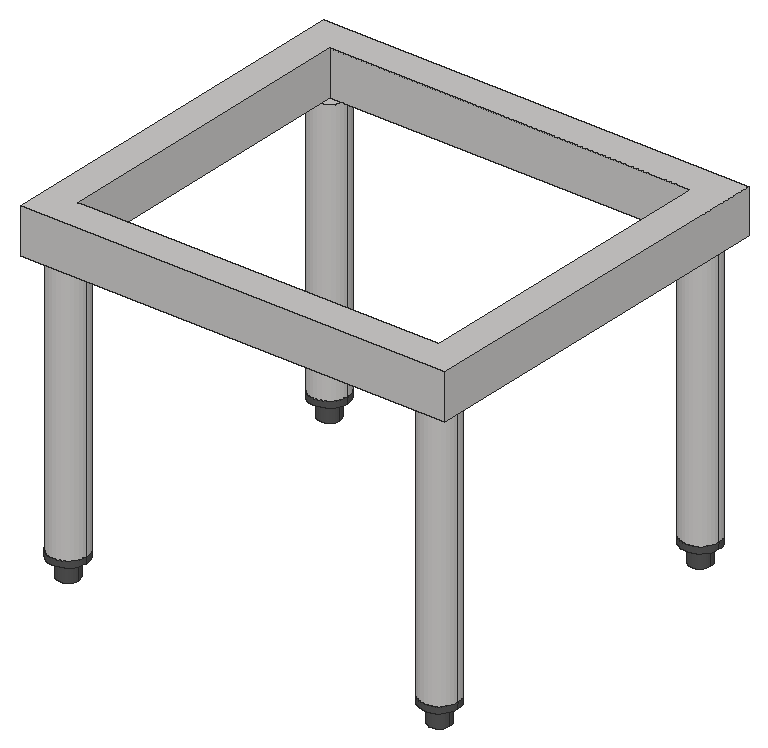
Revit family "QF_CAPIC_CELTIC_W383011", category Equipement spécialisé, Revit 2018
Family settings
  Cote de connecteur circulaire = Utiliser le diamètre
  Type d'élément = Normal
  Numéro OmniClass = 23.40.40.14
  Titre OmniClass = Food Service Equipment
  Basée sur le plan de construction = Non
  Toujours verticalement = Oui
  Couper avec des vides une fois chargée = Non
  Partagée = Non
  Point de calcul de pièce = Non
Parameters (values of type "L=800mm")
  URL catalogue = "http://www.capic-fr.com/fr/"
  Type de Raccord Plomberie [instance] = ""
  Type de Raccord Electrique [instance] = ""
  Type de Gaz = ""
  Type article [instance] = ""
  Tension = 0 V
  Spécification du Fabricant = ""
  Show Logo = yes
  Remarques evacuation [instance] = ""
  Remarques Plomberie [instance] = ""
  Remarques Electricité [instance] = ""
  Puissance électrique  = 0 W
  Puissance Gaz kW = 0
  Profondeur hors tout = 715 mm
  Pression Maximum Eau Adoucie = 0.0 Pa
  Poids net à vide = 60.00 kg
  Phase = 0
  Modèle = "W383011"
  Longueur hors tout = 800 mm
  Intensité nominale = 0 A
  Hauteur hors tout = 630 mm
  Hauteur de Raccordement du Sol Finis = 0 mm
  Hauteur de Raccordement Gaz du Sol Finis = 0 mm
  Hauteur de Raccordement Evacuation Directe du Sol Finis = 0 mm
  Hauteur de Raccordement Eau Froide du Sol Finis = 0 mm
  Hauteur de Raccordement Eau Chaude du Sol Finis = 0 mm
  Hauteur de Raccordement Eau Adoucie du Sol Finis = 0 mm
  Fréquence = 0 Hz
  Fabricant = "CAPIC"
  Débit d'air d'extraction = 0.0 m³/h
  Débit Gaz = 0.0 L/s
  Débit Eau Froide = 0.0 L/s
  Débit Eau Chaude = 0.0 L/s
  Débit Eau Adoucie = 0.0 L/s
  Diamètre de Raccordement Gaz = 0 mm
  Diamètre de Raccordement Evacuation = 0 mm
  Diamètre de Raccordement Eau Froide = 0 mm
  Diamètre de Raccordement Eau Chaude = 0 mm
  Diamètre de Raccordement Eau Adoucie = 0 mm
  Description = "Pietement tubes ronds"
  Assembly Code = ""
  Classification  Omniclass nombre et titre = "23.40.40.14"
Reference planes
  plane 1 "Centre (avant/arrière)": y = 0
  plane 2: z = 0
  plane 3 "Centre (gauche/droite)": x = 0
  plane 4 "Centre G/E": y = 0
  plane 5: y = -838
  plane 6: z = 630
  plane 7: y = -123
  plane 8: x = 800
  plane 9: z = 546
  plane 10: y = -173
  plane 11: y = -788
  plane 12: x = 50
  plane 13: x = 750
  plane 14: z = 46
Forms (mm)
  Extrusion 1, solid, material "QF_Stainless Steel-Brushed"
    sketch origin (4267.2, -1071.386, 630) x (0, -1, 0) y (1, 0, 0)
      loop
        line (-948.386, -4267.2) -> (-233.386, -4267.2) -> (-233.386, -3467.2) -> (-948.386, -3467.2) -> (-948.386, -4267.2)
      loop
        line (-888.386, -3527.2) -> (-888.386, -4207.2) -> (-293.386, -4207.2) -> (-293.386, -3527.2) -> (-888.386, -3527.2)
    from 0 to -84
  Extrusion 2, solid, material "QF_Stainless Steel-Brushed"
    sketch origin (0, 0, 0) x (1, 0, 0) y (0, 1, 0)
      loop
        circle (50, -173) r 35
    from 46 to 546
  Revolve 3, solid, material "QF_Plastic-Black"
    sketch origin (-199.347, -173, 4000) x (-1, 0, 0) y (0, 0, 1)
      loop
        line (-284.347, -3954) -> (-284.347, -3966) -> (-269.347, -3966) -> (-269.347, -4000) -> (-249.347, -4000) -> (-249.347, -3954) -> (-284.347, -3954)
      axis (-249.347, -4000) -> (-249.347, -3954)
    angle from 0 to 360
  Extrusion 4, solid, material "QF_Stainless Steel-Brushed"
    sketch origin (220, 0, 0) x (1, 0, 0) y (0, 1, 0)
      loop
        circle (530, -173) r 35
    from 46 to 546
  Revolve 5, solid, material "QF_Plastic-Black"
    sketch origin (160.653, -173, 4000) x (-1, 0, 0) y (0, 0, 1)
      loop
        line (-624.347, -3954) -> (-624.347, -3966) -> (-609.347, -3966) -> (-609.347, -4000) -> (-589.347, -4000) -> (-589.347, -3954) -> (-624.347, -3954)
      axis (-589.347, -4000) -> (-589.347, -3954)
    angle from 0 to 360
  Extrusion 6, solid, material "QF_Stainless Steel-Brushed"
    sketch origin (0, -615, 0) x (1, 0, 0) y (0, 1, 0)
      loop
        circle (50, -173) r 35
    from 46 to 546
  Revolve 7, solid, material "QF_Plastic-Black"
    sketch origin (-133.843, -788, 4000) x (-1, 0, 0) y (0, 0, 1)
      loop
        line (-218.843, -3954) -> (-218.843, -3966) -> (-203.843, -3966) -> (-203.843, -4000) -> (-183.843, -4000) -> (-183.843, -3954) -> (-218.843, -3954)
      axis (-183.843, -4000) -> (-183.843, -3954)
    angle from 0 to 360
  Extrusion 8, solid, material "QF_Stainless Steel-Brushed"
    sketch origin (230, -615, 0) x (1, 0, 0) y (0, 1, 0)
      loop
        circle (520, -173) r 35
    from 46 to 546
  Revolve 9, solid, material "QF_Plastic-Black"
    sketch origin (-133.843, -788, 4000) x (-1, 0, 0) y (0, 0, 1)
      loop
        line (-918.843, -3954) -> (-918.843, -3966) -> (-903.843, -3966) -> (-903.843, -4000) -> (-883.843, -4000) -> (-883.843, -3954) -> (-918.843, -3954)
      axis (-883.843, -4000) -> (-883.843, -3954)
    angle from 0 to 360
Dimensions and locks
  locked: plane 7 to Extrusion 1 sketch curve at 60
  locked: Extrusion 1 sketch curve to plane 5 at 60
  locked: plane 3 "Centre (gauche/droite)" to Extrusion 1 sketch curve at 60
  locked: Extrusion 1 sketch curve to plane 8 at 60
  "Longueur hors tout": plane 3 "Centre (gauche/droite)" to plane 8
  "Hauteur hors tout": plane 6 to level
  locked: plane 6 to plane 9 at 84
  locked: plane 7 to plane 10 at 50
  locked: plane 11 to plane 5 at 50
  locked: plane 3 "Centre (gauche/droite)" to plane 12 at 50
  locked: plane 13 to plane 8 at 50
  locked: plane 9 to plane 14 at 500
  locked: Revolve 3 sketch curve to plane 12 at 35
  locked: plane 14 to Revolve 3 sketch curve at 12
  locked: Revolve 3 sketch curve to plane 12 at 20
  Revolve 5 sketch curve to Revolve 5 sketch curve to plane 13 = 15 mm locked, 20 mm locked
  "Profondeur hors tout": plane 7 to plane 5
  locked: plane 14 to Revolve 5 sketch curve at 12
  locked: Revolve 7 sketch curve to plane 12 at 20
  locked: Revolve 7 sketch curve to plane 12 at 35
  locked: Revolve 3 to plane 14 at 12
  locked: plane 14 to Revolve 5 at 12
  locked: Revolve 9 sketch curve to plane 13 at 20
  locked: Revolve 9 sketch curve to plane 13 at 35
  aligned and locked: level to plane 2
  aligned and locked: Extrusion 1 sketch curve to plane 7
  aligned and locked: plane 3 "Centre (gauche/droite)" to Extrusion 1 sketch curve
  aligned and locked: plane 5 to Extrusion 1 sketch curve
  aligned and locked: Extrusion 1 sketch curve to plane 8
  aligned and locked: Extrusion 1 to plane 9
  aligned and locked: plane 6 to Extrusion 1
  aligned and locked: plane 9 to Extrusion 2
  aligned and locked: Extrusion 2 to plane 14
  aligned and locked: plane 12 to Extrusion 2 sketch curve
  aligned and locked: plane 10 to Extrusion 2 sketch curve
  aligned and locked: level to Revolve 3 sketch curve
  aligned and locked: plane 12 to Revolve 3 sketch curve
  aligned and locked: Revolve 3 sketch curve to plane 14
  aligned and locked: plane 13 to Extrusion 4 sketch curve
  aligned and locked: plane 10 to Extrusion 4 sketch curve
  aligned and locked: plane 13 to Revolve 5 sketch curve  (x2)
  aligned and locked: level to Revolve 5 sketch curve
  aligned and locked: Revolve 5 sketch curve to plane 14
  aligned and locked: plane 12 to Extrusion 6 sketch curve
  aligned and locked: plane 11 to Extrusion 6 sketch curve
  aligned and locked: plane 9 to Extrusion 6
  aligned and locked: Extrusion 6 to plane 14
  aligned and locked: plane 14 to Revolve 7 sketch curve
  aligned and locked: Revolve 7 sketch curve to level
  aligned and locked: plane 9 to Extrusion 4
  aligned and locked: Extrusion 4 to plane 14
  aligned and locked: plane 13 to Extrusion 8 sketch curve
  aligned and locked: plane 11 to Extrusion 8 sketch curve
  aligned and locked: Revolve 3 to plane 14
  aligned and locked: Extrusion 8 to Extrusion 1
  aligned and locked: Revolve 9 sketch curve to plane 14
  aligned and locked: level to Revolve 9 sketch curve
  aligned and locked: Extrusion 8 to plane 14
Automatic sketch dimensions
  Revolve 3 sketch curve to plane 12 = 0 mm
  Revolve 3 sketch curve to level = 0 mm
  Revolve 3 sketch curve to plane 14 = 0 mm
  Revolve 5 sketch curve to level = 0 mm
  Revolve 5 sketch curve to plane 14 = 0 mm
  Revolve 9 sketch curve to plane 13 = 0 mm  (x2)
  Revolve 9 sketch curve to plane 14 = 12 mm
  Revolve 9 sketch curve to level = 88.15 mm
  Revolve 9 sketch curve to Revolve 9 sketch curve = 37 mm
  Revolve 7 sketch curve to plane 12 = 0 mm  (x2)
  Revolve 7 sketch curve to plane 14 = 12 mm
  Revolve 7 sketch curve to level = 25 mm
  Revolve 7 sketch curve to Revolve 7 sketch curve = 12 mm
  radius of Extrusion 2 sketch curve = 35 mm
  radius of Extrusion 4 sketch curve = 35 mm
  radius of Extrusion 6 sketch curve = 35 mm
  radius of Extrusion 8 sketch curve = 35 mm
